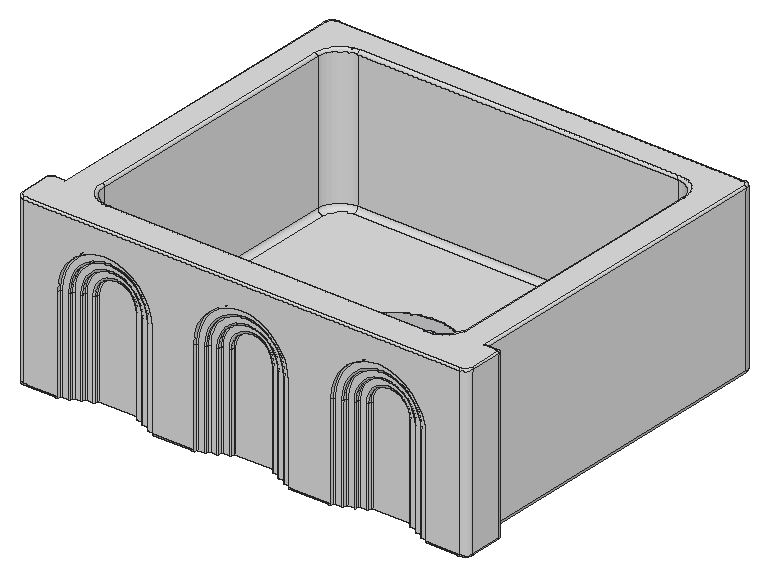
Revit family "Sink-Undermount_Kitchen-KALLISTA-Voussoir-L39742-1", category Plumbing Fixtures, host Face, Revit 2022
Family settings
  Host = Face
  Round Connector Dimension = Use Diameter
  Part Type = Normal
  OmniClass Number = 23.31.13.00
  OmniClass Title = Sinks
  Cut with Voids When Loaded = No
  Maintain Annotation Orientation = No
  Shared = No
  Room Calculation Point = No
Parameters (values of type "WH-White Carrara Marble")
  Width = 19 1/2"  # constant formula
  WaterSense Certified = 1 = 0  # no
  Waste Water Outlet = "Waste Water Outlet"  # constant formula
  Waste Connection = 1 = 1  # yes
  Vent Connection = 1 = 0  # no
  URL = "https://www.kallista.com/"
  Type = 6
  Product Page URL = ""
  Product Name = "Voussoir"  # constant formula
  Product Documentation Link = ""
  Model = if(Type = 1, "L39743-00-CCV", if(Type = 2, "L39743-00-FWG", if(Type = 3, "L39743-00-MVV", if(Type = 4, "L39743-00-NM", if(Type = 5, "L39743-00-RM", if(Type = 6, "L39743-00-WH", "NA"))))))  # "L39743-00-WH"
  Material = "Natural Stone"  # constant formula
  Master Format 2014 Name = "Residential Lavatories and Sinks"  # constant formula
  Master Format 2014 = "22 41 16"  # constant formula
  Manufacturer Address = "444 Highland Dr, Kohler, WI 53044"  # constant formula
  Manufacturer = "Kallista Co."  # constant formula
  Length = 23.48819"  # constant formula
  Hot Water Inlet = "Hot Water Inlet"  # constant formula
  Height = 9.75197"  # constant formula
  HW Connection = 1 = 0  # no
  Finish = KALLISTA-Stone-WH-White_Carrara_Marble
  Environmental Product Declaration = ""
  Drain Included = 1 = 0  # no
  Description = "24 Inch Butler Entertainment Sink"  # constant formula
  Default Elevation = 36"
  Declare Label = ""
  Date Modified = "09/23/2025"  # constant formula
  Date Created = "09/23/2025"  # constant formula
  Copyright = "Copyright Kallista Co."  # constant formula
  Contact Us = "https://www.kallista.com/corporate/contact-us/"
  Cold Water Inlet = "Cold Water Inlet"  # constant formula
  CW Connection = 1 = 0  # no
  Assembly Code = "D2010400"
  ADA Compliant = 1 = 0  # no
Reference planes (in)
  plane 1 "Center (Front/Back)": y = 0
  plane 2: z = 0
  plane 3 "Center (Left/Right)": x = 0
  plane 4: z = -1
  plane 5: y = -30.7755906
  plane 6: y = -48.0314961
  plane 7: y = -50.2755906
  plane 8: y = -40.5275591
  plane 9: y = -48.5526603
  plane 10: y = -32.3006918
  plane 11: z = -11.9583259
  plane 12: z = -9.7519685
  plane 13: x = -11.7440945
  plane 14: x = -10.9940945
  plane 15: x = -9.4940945
  plane 16: x = 9.4940945
  plane 17: x = 11.7440945
  plane 18: x = 10.9940945
Forms (in)
  Extrusion 1, void
    sketch origin (0, 0, 0) x (1, 0, 0) y (0, 1, 0)
      loop
        arc (-9.5137795, -47.0264062) -> (-9.8020603, -47.7223774) -> (-10.4980315, -48.0106581) r 0.984252
        line (-10.4980315, -48.0106581) -> (-14.7731298, -48.0106581) -> (-14.7731298, -48.7427356) -> (12.9232283, -48.7427356) -> (12.9232283, -48.0106581) -> (10.4743165, -48.0106581)
        arc (10.4743165, -48.0106581) -> (9.7783453, -47.7223774) -> (9.4900646, -47.0264062) r 0.984252
        line (9.4900646, -47.0264062) -> (9.4900646, -33.4806786)
        arc (9.4900646, -33.4806786) -> (9.1441277, -32.6455131) -> (8.3089622, -32.2995762) r 1.1811024
        line (8.3089622, -32.2995762) -> (-8.3326772, -32.2995762)
        arc (-8.3326772, -32.2995762) -> (-9.1678427, -32.6455131) -> (-9.5137795, -33.4806786) r 1.1811024
        line (-9.5137795, -33.4806786) -> (-9.5137795, -47.0264062)
    from -9.7519685 to 0
  Extrusion 2, void
    sketch origin (0, 0, 0) x (1, 0, 0) y (0, 1, 0)
      loop
        line (-11.0187008, -48.8188976) -> (11.0925197, -48.8188976) -> (11.0925197, -30.7669597) -> (-11.0187008, -30.7669597) -> (-11.0187008, -48.8188976)
    from -9.7519685 to -1
  Revolve 3, void
    sketch origin (0, 0, 0) x (0, 1, 0) y (0, 0, 1)
      loop
        line (-40.5275591, -8.6456693) -> (-43.6771654, -8.6456693) -> (-43.6771654, -12.1351818) -> (-40.5275591, -12.1351818) -> (-40.5275591, -8.6456693)
      axis (-40.5275591, -8.6456693) -> (-40.5275591, -12.1351818)
    angle from 0 to 360
Dimensions and locks (in)
  locked: level to plane 4 at 1
  plane 10 to plane 9 = 16.25197"
  "Width": plane 5 to plane 7
  "Height": level to plane 12
  level to plane 11 = 11.95833"
  level to plane 4 = 1"
  plane 14 to plane 18 = 21.98819"
  "Length": plane 13 to plane 17
  plane 15 to plane 16 = 18.98819"
  aligned and locked: plane 2 to host face
  aligned and locked: level to host face
  aligned and locked: plane 3 "Center (Left/Right)" to nested 1
  aligned and locked: plane 4 to nested 1
  aligned and locked: plane 14 to nested 1
  aligned and locked: plane 15 to nested 1
  aligned and locked: plane 18 to nested 1
  aligned and locked: plane 17 to nested 1
  aligned and locked: plane 16 to nested 1
Automatic sketch dimensions
  host sketch curve to host sketch curve = 96"  (x2)
  Extrusion 1 sketch curve to plane 9 = 0.19008"
  plane 6 to Extrusion 1 sketch curve = 0.02084"  (x2)
  plane 10 to Extrusion 1 sketch curve = 0.00112"
  plane 5 to Extrusion 2 sketch curve = 0.00863"
  Extrusion 2 sketch curve to plane 9 = 0.26624"
  Revolve 3 sketch curve to plane 8 = 0"  (x2)
  plane 12 to Revolve 3 sketch curve = 0"
  Revolve 3 sketch curve to plane 12 = 1.1063"
  Revolve 3 sketch curve to plane 8 = 3.14961"
  Revolve 3 sketch curve to plane 11 = 0.17686"
  Revolve 3 sketch curve to Revolve 3 sketch curve = 0.53734"
  Extrusion 1 sketch curve to plane 15 = 1.16142"
  plane 15 to Extrusion 1 sketch curve = 0.01969"
  Extrusion 1 sketch curve to plane 14 = 0.49606"
  plane 13 to Extrusion 1 sketch curve = 3.02904"
  plane 14 to Extrusion 2 sketch curve = 0.02461"
  plane 16 to Extrusion 1 sketch curve = 1.18513"
  plane 16 to Extrusion 1 sketch curve = 0.00403"
  plane 18 to Extrusion 1 sketch curve = 0.51978"
  Extrusion 1 sketch curve to plane 17 = 1.17913"
  Extrusion 2 sketch curve to plane 18 = 0.09843"
Nested families (in)
  nested 1: "L39743" at (0, -48.0314961, -9.7519685), type "L39743"
Connectors (in)
  piping at (0, -40.5275591, -11.9583259), diameter 1.5, driven by "Waste Connection", driven by "Waste Water Outlet"
    settings: on nested 1, index 1, connector inside diameter 24", connector length 0", flow factor 0, pipe flow 0 GPM, pressure drop 0.00 psi, fitting loss kfactor 0, connector angle 0.00°, fixture units 0, engagement length 0", angle of deflection 0.00°, flow configuration 0, flow direction 2, fitting loss method 0, system type 16, joint type 0, gender type 0, connector reference index -1, connector utility 1, adjustable connector no, is connector primary yes, connector description "Waste Water Outlet"
Definition of nested family "L39743"
  Parameters (values of type "L39743")
    Material = none
    Default Elevation = 0"
  Reference planes (in)
    plane 1 "Center (Front/Back)": y = 0
    plane 2: z = 0
    plane 3 "Center (Left/Right)": x = 0
    plane 4: x = 11.7440945
    plane 5: x = -11.7440945
    plane 6: y = -2.2440945
    plane 7: y = 17.2559055
    plane 8: x = -10.9940945
    plane 9: x = 10.9940945
    plane 10: x = 9.4940945
    plane 11: x = -9.4940945
    plane 12 "A": y = 7.503937
    plane 13: y = 15.7308043
    plane 14: y = -0.5211642
    plane 15: x = 1.8110236
    plane 16: x = -1.8110236
    plane 17: y = 5.6929134
    plane 18: y = 9.3149606
    plane 19: z = 8.7519685
    plane 20: z = 1.1062992
    plane 21: z = -2.2063574
    plane 22: x = -11
    plane 23: x = 11
    plane 24: x = 11.7440945
    plane 25: x = -11.7440945
  Forms (in)
    Sweep 1, solid, material <- "Material", detail levels medium+fine
      path origin (0, 0, 0) x (1, 0, 0) y (0, 1, 0)
        loop
          line (8.3129921, 15.7308043) -> (-8.3129921, 15.7308043)
          arc (-8.3129921, 15.7308043) -> (-9.1481576, 15.3848674) -> (-9.4940945, 14.5497019) r 1.1811024
          line (-9.4940945, 14.5497019) -> (-9.4940945, 0.6599382)
          arc (-9.4940945, 0.6599382) -> (-9.1481576, -0.1752273) -> (-8.3129921, -0.5211642) r 1.1811024
          line (-8.3129921, -0.5211642) -> (8.3129921, -0.5211642)
          arc (8.3129921, -0.5211642) -> (9.1481576, -0.1752273) -> (9.4940945, 0.6599382) r 1.1811024
          line (9.4940945, 0.6599382) -> (9.4940945, 14.5497019)
          arc (9.4940945, 14.5497019) -> (9.1481576, 15.3848674) -> (8.3129921, 15.7308043) r 1.1811024
      profile origin (0, 15.7308043, 0) x (0, -1, 0) y (0, 0, 1)
        loop
          line (0, 1.5471383) -> (0, 8.6133743)
          arc (0, 8.6133743) -> (-0.0405933, 8.7113752) -> (-0.1385942, 8.7519685) r 0.1385942
          line (-0.1385942, 8.7519685) -> (-0.3937008, 8.7519685) -> (-0.3937008, 1.1062992) -> (0.5905512, 1.1062992) -> (0.5905512, 1.2785433) -> (0.268595, 1.2785433)
          arc (0.268595, 1.2785433) -> (0.0786697, 1.357213) -> (0, 1.5471383) r 0.268595
    Sweep 2, solid, material <- "Material", detail levels medium+fine
      path origin (0, 0, 0) x (1, 0, 0) y (0, 1, 0)
        loop
          line (10.9940945, -0.5211642) -> (10.9940945, 16.8622047)
          arc (10.9940945, 16.8622047) -> (10.8787822, 17.1405932) -> (10.6003937, 17.2559055) r 0.3937008
          line (10.6003937, 17.2559055) -> (-10.6003937, 17.2559055)
          arc (-10.6003937, 17.2559055) -> (-10.8787822, 17.1405932) -> (-10.9940945, 16.8622047) r 0.3937008
          line (-10.9940945, 16.8622047) -> (-10.9940945, -0.5211642)
      profile origin (0, 17.2559055, 0) x (0, -1, 0) y (0, 0, 1)
        loop
          arc (0.1181102, 8.7519685) -> (0.0345937, 8.7173748) -> (0, 8.6338583) r 0.1181102
          line (0, 8.6338583) -> (0, 0.1181102)
          arc (0, 0.1181102) -> (0.0345937, 0.0345937) -> (0.1181102, 0) r 0.1181102
          line (0.1181102, 0) -> (0.3651166, 0) -> (0.3651166, 8.7519685) -> (0.1181102, 8.7519685)
    Extrusion 3, solid, material <- "Material", detail levels medium+fine
      sketch origin (0, 0, 0) x (1, 0, 0) y (0, 1, 0)
        loop
          arc (-8.3129921, 15.1402531) -> (-8.7305749, 14.9672847) -> (-8.9035433, 14.5497019) r 0.5905512
          line (-8.9035433, 14.5497019) -> (-8.9035433, 0.6599382)
          arc (-8.9035433, 0.6599382) -> (-8.7305749, 0.2423554) -> (-8.3129921, 0.069387) r 0.5905512
          line (-8.3129921, 0.069387) -> (8.3129921, 0.069387)
          arc (8.3129921, 0.069387) -> (8.7305749, 0.2423554) -> (8.9035433, 0.6599382) r 0.5905512
          line (8.9035433, 0.6599382) -> (8.9035433, 14.5497019)
          arc (8.9035433, 14.5497019) -> (8.7305749, 14.9672847) -> (8.3129921, 15.1402531) r 0.5905512
          line (8.3129921, 15.1402531) -> (-8.3129921, 15.1402531)
      from 1.1062992 to 1.2785433
    Sweep 4, solid, material <- "Material", detail levels medium+fine
      path origin (0, 0, 0) x (1, 0, 0) y (0, 1, 0)
        loop
          line (10.6289779, 0) -> (11.5472441, 0)
          arc (11.5472441, 0) -> (11.6864383, -0.0576561) -> (11.7440945, -0.1968504) r 0.1968504
          line (11.7440945, -0.1968504) -> (11.7440945, -1.8503937)
          arc (11.7440945, -1.8503937) -> (11.6287822, -2.1287822) -> (11.3503937, -2.2440945) r 0.3937008
          line (11.3503937, -2.2440945) -> (-11.3503937, -2.2440945)
          arc (-11.3503937, -2.2440945) -> (-11.6287822, -2.1287822) -> (-11.7440945, -1.8503937) r 0.3937008
          line (-11.7440945, -1.8503937) -> (-11.7440945, -0.1968504)
          arc (-11.7440945, -0.1968504) -> (-11.6864383, -0.0576561) -> (-11.5472441, 0) r 0.1968504
          line (-11.5472441, 0) -> (-10.6289779, 0)
      profile origin (0, -2.2440945, 0) x (0, -1, 0) y (0, 0, 1)
        loop
          arc (-0.0787402, 0) -> (-0.0230625, 0.0230625) -> (0, 0.0787402) r 0.0787402
          line (0, 0.0787402) -> (0, 8.6732283)
          arc (0, 8.6732283) -> (-0.0230625, 8.728906) -> (-0.0787402, 8.7519685) r 0.0787402
          line (-0.0787402, 8.7519685) -> (-0.1698934, 8.7519685) -> (-0.1698934, 0) -> (-0.0787402, 0)
    Extrusion 5, solid, material <- "Material", detail levels medium+fine
      sketch origin (0, 0, 0) x (1, 0, 0) y (0, 1, 0)
        loop
          arc (-10.6003937, 16.8907889) -> (-10.6206058, 16.8824168) -> (-10.6289779, 16.8622047) r 0.0285842
          line (-10.6289779, 16.8622047) -> (-10.6289779, -0.5211642) -> (-10.8759843, -0.5211642) -> (-10.8759843, -0.1698934) -> (-11.5472441, -0.1698934)
          arc (-11.5472441, -0.1698934) -> (-11.5663055, -0.1777889) -> (-11.5742011, -0.1968504) r 0.026957
          line (-11.5742011, -0.1968504) -> (-11.5742011, -1.8503937)
          arc (-11.5742011, -1.8503937) -> (-11.5086494, -2.0086494) -> (-11.3503937, -2.0742011) r 0.2238074
          line (-11.3503937, -2.0742011) -> (11.3503937, -2.0742011)
          arc (11.3503937, -2.0742011) -> (11.5086494, -2.0086494) -> (11.5742011, -1.8503937) r 0.2238074
          line (11.5742011, -1.8503937) -> (11.5742011, -0.1968504)
          arc (11.5742011, -0.1968504) -> (11.5663055, -0.1777889) -> (11.5472441, -0.1698934) r 0.026957
          line (11.5472441, -0.1698934) -> (10.8759843, -0.1698934) -> (10.8759843, -0.5211642) -> (10.6289779, -0.5211642) -> (10.6289779, 16.8622047)
          arc (10.6289779, 16.8622047) -> (10.6206058, 16.8824168) -> (10.6003937, 16.8907889) r 0.0285842
          line (10.6003937, 16.8907889) -> (-10.6003937, 16.8907889)
        loop
          line (-8.3129921, -0.914865) -> (8.3129921, -0.914865)
          arc (8.3129921, -0.914865) -> (9.4265461, -0.4536158) -> (9.8877953, 0.6599382) r 1.5748031
          line (9.8877953, 0.6599382) -> (9.8877953, 14.5497019)
          arc (9.8877953, 14.5497019) -> (9.4265461, 15.6632559) -> (8.3129921, 16.1245051) r 1.5748031
          line (8.3129921, 16.1245051) -> (-8.3129921, 16.1245051)
          arc (-8.3129921, 16.1245051) -> (-9.4265461, 15.6632559) -> (-9.8877953, 14.5497019) r 1.5748031
          line (-9.8877953, 14.5497019) -> (-9.8877953, 0.6599382)
          arc (-9.8877953, 0.6599382) -> (-9.4265461, -0.4536158) -> (-8.3129921, -0.914865) r 1.5748031
      from 0 to 8.7519685
    Sweep 6, void
      path origin (6.4468504, 0, 0) x (1, 0, 0) y (0, 0, 1)
        loop
          line (-11.0046696, -1.0135937) -> (-11.0046696, 4.9861743)
          arc (-11.0046696, 4.9861743) -> (-13.5637247, 7.5452294) -> (-16.1227799, 4.9861743) r 2.5590551
          line (-16.1227799, 4.9861743) -> (-16.1227799, -1.0135937)
      profile origin (-9.6759295, 0, 1.9862903) x (0, -1, 0) y (1, 0, 0)
        loop
          line (2.0918543, 0.0731572) -> (2.3750157, 0.0731572) -> (2.3750157, 1.7319234) -> (1.3661574, 1.7319234) -> (1.3661574, 1.5402747)
          arc (1.3661574, 1.5402747) -> (1.3820096, 1.5020041) -> (1.4202803, 1.4861519) r 0.0541228
          line (1.4202803, 1.4861519) -> (1.5167226, 1.4861519)
          arc (1.5167226, 1.4861519) -> (1.5668505, 1.4653882) -> (1.5876141, 1.4152603) r 0.0708916
          line (1.5876141, 1.4152603) -> (1.5876141, 1.0647702)
          arc (1.5876141, 1.0647702) -> (1.6030042, 1.0276154) -> (1.6401591, 1.0122253) r 0.0525449
          line (1.6401591, 1.0122253) -> (1.7524138, 1.0122253)
          arc (1.7524138, 1.0122253) -> (1.7933181, 0.9952822) -> (1.8102612, 0.9543779) r 0.0578474
          line (1.8102612, 0.9543779) -> (1.8102612, 0.6089714)
          arc (1.8102612, 0.6089714) -> (1.8293493, 0.5628887) -> (1.875432, 0.5438006) r 0.0651707
          line (1.875432, 0.5438006) -> (1.9695536, 0.5438006)
          arc (1.9695536, 0.5438006) -> (2.0130825, 0.5257704) -> (2.0311128, 0.4822414) r 0.0615593
          line (2.0311128, 0.4822414) -> (2.0311128, 0.1338987)
          arc (2.0311128, 0.1338987) -> (2.0489036, 0.090948) -> (2.0918543, 0.0731572) r 0.0607414
    Extrusion 7, void
      sketch origin (6.4468504, 0, 0) x (1, 0, 0) y (0, 0, 1)
        loop
          line (-14.3908565, -1.0135937) -> (-12.736593, -1.0135937) -> (-12.736593, 4.9861743)
          arc (-12.736593, 4.9861743) -> (-13.5637247, 5.8133061) -> (-14.3908565, 4.9861743) r 0.8271318
          line (-14.3908565, 4.9861743) -> (-14.3908565, -1.0135937)
      from 1.3661574 to 3.1992189
    Sweep 8, void
      path origin (13.5391184, 0, 0) x (1, 0, 0) y (0, 0, 1)
        loop
          line (-11.0046696, -1.0135937) -> (-11.0046696, 4.9861743)
          arc (-11.0046696, 4.9861743) -> (-13.5637247, 7.5452294) -> (-16.1227799, 4.9861743) r 2.5590551
          line (-16.1227799, 4.9861743) -> (-16.1227799, -1.0135937)
      profile origin (-2.5836614, 0, 1.9862903) x (0, -1, 0) y (1, 0, 0)
        loop
          line (2.0918543, 0.0731572) -> (2.3750157, 0.0731572) -> (2.3750157, 1.7319234) -> (1.3661574, 1.7319234) -> (1.3661574, 1.5402747)
          arc (1.3661574, 1.5402747) -> (1.3820096, 1.5020041) -> (1.4202803, 1.4861519) r 0.0541228
          line (1.4202803, 1.4861519) -> (1.5167226, 1.4861519)
          arc (1.5167226, 1.4861519) -> (1.5668505, 1.4653882) -> (1.5876141, 1.4152603) r 0.0708916
          line (1.5876141, 1.4152603) -> (1.5876141, 1.0647702)
          arc (1.5876141, 1.0647702) -> (1.6030042, 1.0276154) -> (1.6401591, 1.0122253) r 0.0525449
          line (1.6401591, 1.0122253) -> (1.7524138, 1.0122253)
          arc (1.7524138, 1.0122253) -> (1.7933181, 0.9952822) -> (1.8102612, 0.9543779) r 0.0578474
          line (1.8102612, 0.9543779) -> (1.8102612, 0.6089714)
          arc (1.8102612, 0.6089714) -> (1.8293493, 0.5628887) -> (1.875432, 0.5438006) r 0.0651707
          line (1.875432, 0.5438006) -> (1.9695536, 0.5438006)
          arc (1.9695536, 0.5438006) -> (2.0130825, 0.5257704) -> (2.0311128, 0.4822414) r 0.0615593
          line (2.0311128, 0.4822414) -> (2.0311128, 0.1338987)
          arc (2.0311128, 0.1338987) -> (2.0489036, 0.090948) -> (2.0918543, 0.0731572) r 0.0607414
    Extrusion 9, void
      sketch origin (13.5391184, 0, 0) x (1, 0, 0) y (0, 0, 1)
        loop
          line (-14.3908565, -1.0135937) -> (-12.736593, -1.0135937) -> (-12.736593, 4.9861743)
          arc (-12.736593, 4.9861743) -> (-13.5637247, 5.8133061) -> (-14.3908565, 4.9861743) r 0.8271318
          line (-14.3908565, 4.9861743) -> (-14.3908565, -1.0135937)
      from 1.3661574 to 3.1992189
    Sweep 10, void
      path origin (20.6872484, 0, 0) x (1, 0, 0) y (0, 0, 1)
        loop
          line (-11.0046696, -1.0135937) -> (-11.0046696, 4.9861743)
          arc (-11.0046696, 4.9861743) -> (-13.5637247, 7.5452294) -> (-16.1227799, 4.9861743) r 2.5590551
          line (-16.1227799, 4.9861743) -> (-16.1227799, -1.0135937)
      profile origin (4.5644685, 0, 1.9862903) x (0, -1, 0) y (1, 0, 0)
        loop
          line (2.0918543, 0.0731572) -> (2.3750157, 0.0731572) -> (2.3750157, 1.7319234) -> (1.3661574, 1.7319234) -> (1.3661574, 1.5402747)
          arc (1.3661574, 1.5402747) -> (1.3820096, 1.5020041) -> (1.4202803, 1.4861519) r 0.0541228
          line (1.4202803, 1.4861519) -> (1.5167226, 1.4861519)
          arc (1.5167226, 1.4861519) -> (1.5668505, 1.4653882) -> (1.5876141, 1.4152603) r 0.0708916
          line (1.5876141, 1.4152603) -> (1.5876141, 1.0647702)
          arc (1.5876141, 1.0647702) -> (1.6030042, 1.0276154) -> (1.6401591, 1.0122253) r 0.0525449
          line (1.6401591, 1.0122253) -> (1.7524138, 1.0122253)
          arc (1.7524138, 1.0122253) -> (1.7933181, 0.9952822) -> (1.8102612, 0.9543779) r 0.0578474
          line (1.8102612, 0.9543779) -> (1.8102612, 0.6089714)
          arc (1.8102612, 0.6089714) -> (1.8293493, 0.5628887) -> (1.875432, 0.5438006) r 0.0651707
          line (1.875432, 0.5438006) -> (1.9695536, 0.5438006)
          arc (1.9695536, 0.5438006) -> (2.0130825, 0.5257704) -> (2.0311128, 0.4822414) r 0.0615593
          line (2.0311128, 0.4822414) -> (2.0311128, 0.1338987)
          arc (2.0311128, 0.1338987) -> (2.0489036, 0.090948) -> (2.0918543, 0.0731572) r 0.0607414
    Extrusion 11, void
      sketch origin (20.6872484, 0, 0) x (1, 0, 0) y (0, 0, 1)
        loop
          line (-14.3908565, -1.0135937) -> (-12.736593, -1.0135937) -> (-12.736593, 4.9861743)
          arc (-12.736593, 4.9861743) -> (-13.5637247, 5.8133061) -> (-14.3908565, 4.9861743) r 0.8271318
          line (-14.3908565, 4.9861743) -> (-14.3908565, -1.0135937)
      from 1.3661574 to 3.1992189
    Extrusion 12, solid, material <- "Material", detail levels medium+fine
      sketch origin (0, 0, 0) x (1, 0, 0) y (0, 1, 0)
        loop
          line (-8.3129921, -0.914865) -> (8.3129921, -0.914865)
          arc (8.3129921, -0.914865) -> (9.4265461, -0.4536158) -> (9.8877953, 0.6599382) r 1.5748031
          line (9.8877953, 0.6599382) -> (9.8877953, 14.5497019)
          arc (9.8877953, 14.5497019) -> (9.4265461, 15.6632559) -> (8.3129921, 16.1245051) r 1.5748031
          line (8.3129921, 16.1245051) -> (-8.3129921, 16.1245051)
          arc (-8.3129921, 16.1245051) -> (-9.4265461, 15.6632559) -> (-9.8877953, 14.5497019) r 1.5748031
          line (-9.8877953, 14.5497019) -> (-9.8877953, 0.6599382)
          arc (-9.8877953, 0.6599382) -> (-9.4265461, -0.4536158) -> (-8.3129921, -0.914865) r 1.5748031
      from 0 to 0.5373408
    Revolve 13, solid, material <- "Material", detail levels medium+fine
      sketch origin (0, 7.503937, 0) x (1, 0, 0) y (0, 0, 1)
        loop
          line (0.6758748, -2.2053542) -> (0.906273, -2.2053542) -> (1.0695756, -1.9225057) -> (1.0695756, -1.612118) -> (0.9470057, -1.612118) -> (0.8847545, -1.5761772) -> (0.9348126, -1.5411262) -> (0.9348126, -1.5090595) -> (0.8957951, -1.4865328) -> (0.9348126, -1.4592125) -> (0.9348126, -1.2388652)
          arc (0.9348126, -1.2388652) -> (1.0060126, -1.0130477) -> (1.1938598, -0.8689075) r 0.3937008
          line (1.1938598, -0.8689075) -> (1.5516942, -0.7386664)
          arc (1.5516942, -0.7386664) -> (1.613819, -0.6909963) -> (1.6373662, -0.616314) r 0.1302047
          line (1.6373662, -0.616314) -> (1.6373662, -0.5762537) -> (1.7650874, -0.5762537) -> (1.7650874, -0.3416603)
          arc (1.7650874, -0.3416603) -> (1.7845158, -0.2928242) -> (1.8321822, -0.2706804) r 0.0710924
          line (1.8321822, -0.2706804) -> (2.1955228, -0.2502174)
          arc (2.1955228, -0.2502174) -> (2.2342252, -0.2322379) -> (2.25, -0.1925857) r 0.057723
          line (2.25, -0.1925857) -> (2.25, 0.0389589) -> (0.6758748, 0.0389589) -> (0.6758748, -2.2053542)
        axis (0, -2.2053542) -> (0, 0.0389589)
      angle from 0 to 360
    Revolve 14, void
      sketch origin (0, 7.503937, 0) x (1, 0, 0) y (0, 0, 1)
        loop
          line (0, 1.6019003) -> (0, -1.9838095) -> (0.5759468, -1.9838095) -> (0.6366445, -1.2900318)
          arc (0.6366445, -1.2900318) -> (0.6540755, -1.2024003) -> (0.6900602, -1.1206187) r 0.410356
          line (0.6900602, -1.1206187) -> (0.8106851, -0.9116902)
          arc (0.8106851, -0.9116902) -> (0.8481144, -0.8660767) -> (0.8982154, -0.8349089) r 0.1811802
          line (0.8982154, -0.8349089) -> (1.4337184, -0.6129396)
          arc (1.4337184, -0.6129396) -> (1.4980621, -0.560114) -> (1.5222235, -0.4804466) r 0.1434243
          line (1.5222235, -0.4804466) -> (1.5222235, 0.14364)
          arc (1.5222235, 0.14364) -> (1.6375358, 0.4220285) -> (1.9159243, 0.5373408) r 0.3937008
          line (1.9159243, 0.5373408) -> (2.2644412, 0.5373408)
          arc (2.2644412, 0.5373408) -> (2.3994903, 0.5909717) -> (2.4609525, 0.7226414) r 0.1968504
          arc (2.4609525, 0.7226414) -> (2.6453391, 1.1176506) -> (3.0504863, 1.2785433) r 0.5905512
          line (3.0504863, 1.2785433) -> (3.447414, 1.2785433) -> (3.447414, 1.6019003) -> (0, 1.6019003)
        axis (0, -1.9838095) -> (0, 1.6019003)
      angle from 0 to 360
    Revolve 15, solid, detail levels medium+fine
      sketch origin (0, 7.503937, 0) x (1, 0, 0) y (0, 0, 1)
        loop
          line (0, 1.6776232) -> (0, -2.2063574) -> (0.2090901, -2.2063574) -> (0.2090901, -1.3000942) -> (0.4059405, -1.3000942)
          arc (0.4059405, -1.3000942) -> (0.5451348, -1.2424381) -> (0.6027909, -1.1032439) r 0.1968504
          line (0.6027909, -1.1032439) -> (0.6027909, -0.7731041)
          arc (0.6027909, -0.7731041) -> (0.6604471, -0.6339099) -> (0.7996413, -0.5762537) r 0.1968504
          line (0.7996413, -0.5762537) -> (0.9964917, -0.5762537)
          arc (0.9964917, -0.5762537) -> (1.2748802, -0.4609414) -> (1.3901925, -0.1825529) r 0.3937008
          line (1.3901925, -0.1825529) -> (1.3901925, 0.5373408) -> (1.3901925, 0.8326164)
          arc (1.3901925, 0.8326164) -> (1.5055048, 1.1110049) -> (1.7838933, 1.2263172) r 0.3937008
          line (1.7838933, 1.2263172) -> (2.9185481, 1.2263172)
          arc (2.9185481, 1.2263172) -> (3.0291632, 1.3285756) -> (2.935891, 1.4468667) r 0.1109566
          arc (2.935891, 1.4468667) -> (1.472477, 1.6198987) -> (0, 1.6776232) r 18.774538
        axis (0, 1.6776232) -> (0, -2.2063574)
      angle from 0 to 360
    Extrusion 16, solid, material <- "Material", detail levels medium+fine
      sketch origin (0, 0, 0) x (1, 0, 0) y (0, 1, 0)
        loop
          line (-1.3397642, 6.3547785) -> (-1.4015758, 6.2929669)
          arc (-1.4015758, 6.2929669) -> (-1.4015758, 6.0935003) -> (-1.2021091, 6.0935003) r 0.1410442
          line (-1.2021091, 6.0935003) -> (-1.1395872, 6.1560222)
          arc (-1.1395872, 6.1560222) -> (-1.2436526, 6.251395) -> (-1.3397642, 6.3547785) r 1.7650874
        loop
          line (-0.1410451, 5.744494) -> (-0.1413564, 5.6570798)
          arc (-0.1413564, 5.6570798) -> (-0.0008154, 5.5155342) -> (0.1407303, 5.6560752) r 0.1410442
          line (0.1407303, 5.6560752) -> (0.1410451, 5.744494)
          arc (0.1410451, 5.744494) -> (0, 5.7388496) -> (-0.1410451, 5.744494) r 1.7650874
        loop
          line (1.140992, 6.1572111) -> (1.2024266, 6.0950249)
          arc (1.2024266, 6.0950249) -> (1.4018896, 6.0938122) -> (1.4031023, 6.2932752) r 0.1410442
          line (1.4031023, 6.2932752) -> (1.3409617, 6.356176)
          arc (1.3409617, 6.356176) -> (1.2449579, 6.2526924) -> (1.140992, 6.1572111) r 1.7650874
        loop
          line (1.759443, 7.3628919) -> (1.8468572, 7.3625806)
          arc (1.8468572, 7.3625806) -> (1.9884028, 7.5031216) -> (1.8478618, 7.6446673) r 0.1410442
          line (1.8478618, 7.6446673) -> (1.759443, 7.6449821)
          arc (1.759443, 7.6449821) -> (1.7650874, 7.503937) -> (1.759443, 7.3628919) r 1.7650874
        loop
          arc (-1.759443, 7.3628919) -> (-1.7650874, 7.503937) -> (-1.759443, 7.6449821) r 1.7650874
          line (-1.759443, 7.6449821) -> (-1.8478618, 7.6446673)
          arc (-1.8478618, 7.6446673) -> (-1.9884028, 7.5031216) -> (-1.8468572, 7.3625806) r 0.1410442
          line (-1.8468572, 7.3625806) -> (-1.759443, 7.3628919)
        loop
          arc (-1.3397642, 8.6530955) -> (-1.2436526, 8.756479) -> (-1.1395872, 8.8518519) r 1.7650874
          line (-1.1395872, 8.8518519) -> (-1.2021091, 8.9143738)
          arc (-1.2021091, 8.9143738) -> (-1.4015758, 8.9143738) -> (-1.4015758, 8.7149071) r 0.1410442
          line (-1.4015758, 8.7149071) -> (-1.3397642, 8.6530955)
        loop
          arc (-0.1410451, 9.26338) -> (0, 9.2690244) -> (0.1410451, 9.26338) r 1.7650874
          line (0.1410451, 9.26338) -> (0.1407303, 9.3517988)
          arc (0.1407303, 9.3517988) -> (-0.0008154, 9.4923398) -> (-0.1413564, 9.3507942) r 0.1410442
          line (-0.1413564, 9.3507942) -> (-0.1410451, 9.26338)
        loop
          arc (1.140992, 8.8506629) -> (1.2449579, 8.7551817) -> (1.3409617, 8.651698) r 1.7650874
          line (1.3409617, 8.651698) -> (1.4031023, 8.7145988)
          arc (1.4031023, 8.7145988) -> (1.4018896, 8.9140618) -> (1.2024266, 8.9128491) r 0.1410442
          line (1.2024266, 8.9128491) -> (1.140992, 8.8506629)
      from 0 to -0.5762537
    Extrusion 17, solid, material <- "Material", detail levels coarse
      sketch origin (0, 0, 0) x (1, 0, 0) y (0, 1, 0)
        loop
          line (-10.9940945, 0) -> (-11.7440945, 0) -> (-11.7440945, -2.2440945) -> (11.7440945, -2.2440945) -> (11.7440945, 0) -> (10.9940945, 0) -> (10.9940945, 17.2559055) -> (-10.9940945, 17.2559055) -> (-10.9940945, 0)
        loop
          line (-9.4940945, 14.7465523) -> (-9.4940945, 0.5799594)
          arc (-9.4940945, 0.5799594) -> (-9.1715829, -0.1986526) -> (-8.3929709, -0.5211642) r 1.1011236
          line (-8.3929709, -0.5211642) -> (8.3929709, -0.5211642)
          arc (8.3929709, -0.5211642) -> (9.1715829, -0.1986526) -> (9.4940945, 0.5799594) r 1.1011236
          line (9.4940945, 0.5799594) -> (9.4940945, 14.7465523)
          arc (9.4940945, 14.7465523) -> (9.2058138, 15.4425236) -> (8.5098425, 15.7308043) r 0.984252
          line (8.5098425, 15.7308043) -> (-8.5098425, 15.7308043)
          arc (-8.5098425, 15.7308043) -> (-9.2058138, 15.4425236) -> (-9.4940945, 14.7465523) r 0.984252
      from 0 to 8.7519685
    Revolve 18, solid, material <- "Material", detail levels coarse
      sketch origin (0, 7.503937, 0) x (1, 0, 0) y (0, 0, 1)
        loop
          line (0, -2.2063574) -> (0, 0.1262897) -> (-2.3622047, 0.1262897) -> (-2.3622047, -2.2063574) -> (0, -2.2063574)
        axis (0, -2.2063574) -> (0, 0.1262897)
      angle from 0 to 360
    Extrusion 19, solid, material <- "Material", detail levels coarse
      sketch origin (0, 0, 0) x (1, 0, 0) y (0, 1, 0)
        loop
          arc (8.3929709, -0.5211642) -> (9.1715829, -0.1986526) -> (9.4940945, 0.5799594) r 1.1011236
          line (9.4940945, 0.5799594) -> (9.4940945, 14.7465523)
          arc (9.4940945, 14.7465523) -> (9.2058138, 15.4425236) -> (8.5098425, 15.7308043) r 0.984252
          line (8.5098425, 15.7308043) -> (-8.5098425, 15.7308043)
          arc (-8.5098425, 15.7308043) -> (-9.2058138, 15.4425236) -> (-9.4940945, 14.7465523) r 0.984252
          line (-9.4940945, 14.7465523) -> (-9.4940945, 0.5799594)
          arc (-9.4940945, 0.5799594) -> (-9.1715829, -0.1986526) -> (-8.3929709, -0.5211642) r 1.1011236
          line (-8.3929709, -0.5211642) -> (8.3929709, -0.5211642)
      from 0 to 0.7100334
  Cuts and joins
    Sweep 6, Extrusion 7, Sweep 8, Extrusion 9, Sweep 10, Extrusion 11, Revolve 14 cuts Sweep 1
    Sweep 6, Extrusion 7, Sweep 8, Extrusion 9, Sweep 10, Extrusion 11, Revolve 14 cuts Sweep 2
    Sweep 6, Extrusion 7, Sweep 8, Extrusion 9, Sweep 10, Extrusion 11, Revolve 14 cuts Extrusion 3
    Sweep 6, Extrusion 7, Sweep 8, Extrusion 9, Sweep 10, Extrusion 11, Revolve 14 cuts Sweep 4
    Sweep 6, Extrusion 7, Sweep 8, Extrusion 9, Sweep 10, Extrusion 11, Revolve 14 cuts Extrusion 5
    Revolve 14 cuts Extrusion 12
    Revolve 14 cuts Revolve 13
    Revolve 14 cuts Extrusion 16
    joined: Sweep 1, Sweep 2, Extrusion 3, Sweep 4, Extrusion 5, Extrusion 12, Revolve 13, Extrusion 16
    joined: Extrusion 17, Revolve 18, Extrusion 19
  Lines and regions (in)
    Masking region 1
      outline origin (0, 0, 0) x (1, 0, 0) y (0, 1, 0)
        loop
          line (10.6062992, 17.2559055) -> (-10.6062992, 17.2559055)
          arc (-10.6062992, 17.2559055) -> (-10.8846877, 17.1405932) -> (-11, 16.8622047) r 0.3937008
          line (-11, 16.8622047) -> (-11, 0.1181102)
          arc (-11, 0.1181102) -> (-11.0345937, 0.0345937) -> (-11.1181102, 0) r 0.1181102
          line (-11.1181102, 0) -> (-11.6259843, 0)
          arc (-11.6259843, 0) -> (-11.7095008, -0.0345937) -> (-11.7440945, -0.1181102) r 0.1181102
          line (-11.7440945, -0.1181102) -> (-11.7440945, -1.8503937)
          arc (-11.7440945, -1.8503937) -> (-11.6287822, -2.1287822) -> (-11.3503937, -2.2440945) r 0.3937008
          line (-11.3503937, -2.2440945) -> (11.3503937, -2.2440945)
          arc (11.3503937, -2.2440945) -> (11.6287822, -2.1287822) -> (11.7440945, -1.8503937) r 0.3937008
          line (11.7440945, -1.8503937) -> (11.7440945, -0.1181102)
          arc (11.7440945, -0.1181102) -> (11.7095008, -0.0345937) -> (11.6259843, 0) r 0.1181102
          line (11.6259843, 0) -> (11.1181102, 0)
          arc (11.1181102, 0) -> (11.0345937, 0.0345937) -> (11, 0.1181102) r 0.1181102
          line (11, 0.1181102) -> (11, 16.8622047)
          arc (11, 16.8622047) -> (10.8846877, 17.1405932) -> (10.6062992, 17.2559055) r 0.3937008
    Masking region 2
      outline origin (0, 7.503937, 0) x (1, 0, 0) y (0, 0, 1)
        loop
          arc (-11.6259843, 8.7519685) -> (-11.7095008, 8.7173748) -> (-11.7440945, 8.6338583) r 0.1181102
          line (-11.7440945, 8.6338583) -> (-11.7440945, 0.1262897)
          arc (-11.7440945, 0.1262897) -> (-11.7071051, 0.0369894) -> (-11.6178048, 0) r 0.1262897
          line (-11.6178048, 0) -> (-2.25, 0) -> (-2.25, -0.1882848)
          arc (-2.25, -0.1882848) -> (-2.2330156, -0.2308564) -> (-2.1913912, -0.2500456) r 0.0618455
          line (-2.1913912, -0.2500456) -> (-2.020395, -0.2590071)
          arc (-2.020395, -0.2590071) -> (-1.9963747, -0.2700806) -> (-1.9865735, -0.2946475) r 0.0356893
          line (-1.9865735, -0.2946475) -> (-1.9865735, -0.5527938)
          arc (-1.9865735, -0.5527938) -> (-1.9797023, -0.5693825) -> (-1.9631136, -0.5762537) r 0.0234599
          line (-1.9631136, -0.5762537) -> (-1.6487791, -0.5762537) -> (-1.6487791, -0.6079803)
          arc (-1.6487791, -0.6079803) -> (-1.6247303, -0.6846311) -> (-1.5612044, -0.7338058) r 0.1341791
          line (-1.5612044, -0.7338058) -> (-1.1794422, -0.8752064)
          arc (-1.1794422, -0.8752064) -> (-0.9974571, -1.0160792) -> (-0.9285635, -1.2356638) r 0.3843882
          line (-0.9285635, -1.2356638) -> (-0.9285635, -1.4609305) -> (-0.8925307, -1.4969634) -> (-0.9381316, -1.5425642) -> (-0.8771584, -1.5777671) -> (-0.9342749, -1.6107432) -> (-1.0752431, -1.6107432) -> (-1.0752431, -1.9263091) -> (-0.933527, -2.1717686)
          arc (-0.933527, -2.1717686) -> (-0.9082062, -2.1970894) -> (-0.8736174, -2.2063574) r 0.0691776
          line (-0.8736174, -2.2063574) -> (0, -2.2063574) -> (0.8736174, -2.2063574)
          arc (0.8736174, -2.2063574) -> (0.9082062, -2.1970894) -> (0.933527, -2.1717686) r 0.0691776
          line (0.933527, -2.1717686) -> (1.0752431, -1.9263091) -> (1.0752431, -1.6107432) -> (0.9342749, -1.6107432) -> (0.8771584, -1.5777671) -> (0.9381316, -1.5425642) -> (0.8925307, -1.4969634) -> (0.9285635, -1.4609305) -> (0.9285635, -1.2356638)
          arc (0.9285635, -1.2356638) -> (0.9974571, -1.0160792) -> (1.1794422, -0.8752064) r 0.3843882
          line (1.1794422, -0.8752064) -> (1.5612044, -0.7338058)
          arc (1.5612044, -0.7338058) -> (1.6247303, -0.6846311) -> (1.6487791, -0.6079803) r 0.1341791
          line (1.6487791, -0.6079803) -> (1.6487791, -0.5762537) -> (1.9631136, -0.5762537)
          arc (1.9631136, -0.5762537) -> (1.9797023, -0.5693825) -> (1.9865735, -0.5527938) r 0.0234599
          line (1.9865735, -0.5527938) -> (1.9865735, -0.2946475)
          arc (1.9865735, -0.2946475) -> (1.9963747, -0.2700806) -> (2.020395, -0.2590071) r 0.0356893
          line (2.020395, -0.2590071) -> (2.1913912, -0.2500456)
          arc (2.1913912, -0.2500456) -> (2.2330156, -0.2308564) -> (2.25, -0.1882848) r 0.0618455
          line (2.25, -0.1882848) -> (2.25, 0) -> (11.6178048, 0)
          arc (11.6178048, 0) -> (11.7071051, 0.0369894) -> (11.7440945, 0.1262897) r 0.1262897
          line (11.7440945, 0.1262897) -> (11.7440945, 8.6338583)
          arc (11.7440945, 8.6338583) -> (11.7095008, 8.7173748) -> (11.6259843, 8.7519685) r 0.1181102
          line (11.6259843, 8.7519685) -> (-11.6259843, 8.7519685)
    Masking region 3
      outline origin (0, 0, 0) x (0, 1, 0) y (0, 0, 1)
        loop
          line (17.1377953, 8.7519685) -> (-2.1259843, 8.7519685)
          arc (-2.1259843, 8.7519685) -> (-2.2095008, 8.7173748) -> (-2.2440945, 8.6338583) r 0.1181102
          line (-2.2440945, 8.6338583) -> (-2.2440945, 0.1262897)
          arc (-2.2440945, 0.1262897) -> (-2.2071051, 0.0369894) -> (-2.1178048, 0) r 0.1262897
          line (-2.1178048, 0) -> (5.253937, 0) -> (5.253937, -0.1882848)
          arc (5.253937, -0.1882848) -> (5.2709214, -0.2308564) -> (5.3125458, -0.2500456) r 0.0618455
          line (5.3125458, -0.2500456) -> (5.483542, -0.2590071)
          arc (5.483542, -0.2590071) -> (5.5075623, -0.2700806) -> (5.5173635, -0.2946475) r 0.0356893
          line (5.5173635, -0.2946475) -> (5.5173635, -0.5527938)
          arc (5.5173635, -0.5527938) -> (5.5242348, -0.5693825) -> (5.5408234, -0.5762537) r 0.0234599
          line (5.5408234, -0.5762537) -> (5.8551579, -0.5762537) -> (5.8551579, -0.6079803)
          arc (5.8551579, -0.6079803) -> (5.8792067, -0.6846311) -> (5.9427326, -0.7338058) r 0.1341791
          line (5.9427326, -0.7338058) -> (6.3244948, -0.8752064)
          arc (6.3244948, -0.8752064) -> (6.5064799, -1.0160792) -> (6.5753735, -1.2356638) r 0.3843882
          line (6.5753735, -1.2356638) -> (6.5753735, -1.4609305) -> (6.6114063, -1.4969634) -> (6.5658054, -1.5425642) -> (6.6267786, -1.5777671) -> (6.5696621, -1.6107432) -> (6.4995519, -1.6107432) -> (6.4995519, -2.0490388) -> (6.57041, -2.1717686)
          arc (6.57041, -2.1717686) -> (6.5957308, -2.1970894) -> (6.6303196, -2.2063574) r 0.0691776
          line (6.6303196, -2.2063574) -> (7.503937, -2.2063574) -> (8.3775544, -2.2063574)
          arc (8.3775544, -2.2063574) -> (8.4121432, -2.1970894) -> (8.437464, -2.1717686) r 0.0691776
          line (8.437464, -2.1717686) -> (8.5083221, -2.0490388) -> (8.5083221, -1.6107432) -> (8.4382119, -1.6107432) -> (8.3810954, -1.5777671) -> (8.4420686, -1.5425642) -> (8.3964677, -1.4969634) -> (8.4325006, -1.4609305) -> (8.4325006, -1.2356638)
          arc (8.4325006, -1.2356638) -> (8.5013941, -1.0160792) -> (8.6833792, -0.8752064) r 0.3843882
          line (8.6833792, -0.8752064) -> (9.0651415, -0.7338058)
          arc (9.0651415, -0.7338058) -> (9.1286673, -0.6846311) -> (9.1527161, -0.6079803) r 0.1341791
          line (9.1527161, -0.6079803) -> (9.1527161, -0.5762537) -> (9.4670506, -0.5762537)
          arc (9.4670506, -0.5762537) -> (9.4836393, -0.5693825) -> (9.4905105, -0.5527938) r 0.0234599
          line (9.4905105, -0.5527938) -> (9.4905105, -0.2946475)
          arc (9.4905105, -0.2946475) -> (9.5003117, -0.2700806) -> (9.524332, -0.2590071) r 0.0356893
          line (9.524332, -0.2590071) -> (9.6953282, -0.2500456)
          arc (9.6953282, -0.2500456) -> (9.7369526, -0.2308564) -> (9.753937, -0.1882848) r 0.0618455
          line (9.753937, -0.1882848) -> (9.753937, 0) -> (17.1296158, 0)
          arc (17.1296158, 0) -> (17.2189161, 0.0369894) -> (17.2559055, 0.1262897) r 0.1262897
          line (17.2559055, 0.1262897) -> (17.2559055, 8.6338583)
          arc (17.2559055, 8.6338583) -> (17.2213118, 8.7173748) -> (17.1377953, 8.7519685) r 0.1181102
    symbolic lines
      curve 1: line (8.5098425, 15.7308043, 0) -> (-8.5098425, 15.7308043, 0)
      curve 2: line (-9.4940945, 14.7465523, 0) -> (-9.4940945, 0.5799594, 0)
      curve 3: arc (-9.4940945, 14.7465523, 0) -> (-9.2058138, 15.4425236, 0) -> (-8.5098425, 15.7308043, 0) r 0.984252
      curve 4: line (8.3929709, -0.5211642, 0) -> (-8.3929709, -0.5211642, 0)
      curve 5: arc (-9.4940945, 0.5799594, 0) -> (-9.1715829, -0.1986526, 0) -> (-8.3929709, -0.5211642, 0) r 1.1011236
      curve 24: line (9.4940945, 14.7465523, 0) -> (9.4940945, 0.5799594, 0)
      curve 25: arc (9.4940945, 14.7465523, 0) -> (9.2058138, 15.4425236, 0) -> (8.5098425, 15.7308043, 0) r 0.984252
      curve 26: arc (9.4940945, 0.5799594, 0) -> (9.1715829, -0.1986526, 0) -> (8.3929709, -0.5211642, 0) r 1.1011236
      curve 40: circle (0, 7.503937, 0) r 3.0421257 normal (0, 0, 1)
      curve 41: line (-8.2197094, 7.503937, 4.9871399) -> (-8.2197094, 7.503937, 0.1351537)
      curve 42: line (-8.2728963, 7.503937, 4.9927232) -> (-8.2728963, 7.503937, 0.1351537)
      curve 43: line (-8.1474171, 7.503937, 4.9950278) -> (-8.1474171, 7.503937, 0)
      curve 44: line (-8.6192896, 7.503937, 4.9984728) -> (-8.6192896, 7.503937, 0)
      curve 45: line (-8.6829129, 7.503937, 5.0006289) -> (-8.6829129, 7.503937, 0.1351537)
      curve 46: line (-8.734165, 7.503937, 5.0158391) -> (-8.734165, 7.503937, 0.1351537)
      curve 47: line (-9.2110421, 7.503937, 4.9979365) -> (-9.2110421, 7.503937, 0.1351537)
      curve 48: line (-9.1530501, 7.503937, 4.9899119) -> (-9.1530501, 7.503937, 0.1351537)
      curve 49: line (-9.0889075, 7.503937, 4.9906408) -> (-9.0889075, 7.503937, 0)
      curve 50: line (-9.5606032, 7.503937, 4.9753393) -> (-9.5606032, 7.503937, 0)
      curve 51: line (-9.6181999, 7.503937, 4.9920935) -> (-9.6181999, 7.503937, 0.1351537)
      curve 52: line (-9.6798383, 7.503937, 5.0069233) -> (-9.6798383, 7.503937, 0.1351537)
      curve 53: line (-4.6330252, 7.503937, 4.9920935) -> (-4.6330252, 7.503937, 0.1351537)
      curve 54: line (-4.6862121, 7.503937, 4.9753393) -> (-4.6862121, 7.503937, 0)
      curve 55: line (-4.5607329, 7.503937, 5.0069233) -> (-4.5607329, 7.503937, 0.1351537)
      curve 56: line (-5.0326054, 7.503937, 4.9979365) -> (-5.0326054, 7.503937, 0.1351537)
      curve 57: line (-5.0962287, 7.503937, 4.9899119) -> (-5.0962287, 7.503937, 0.1351537)
      curve 58: line (-5.1474807, 7.503937, 4.9906408) -> (-5.1474807, 7.503937, 0)
      curve 59: line (-5.6243579, 7.503937, 4.9984728) -> (-5.6243579, 7.503937, 0)
      curve 60: line (-5.5663659, 7.503937, 5.0006289) -> (-5.5663659, 7.503937, 0.1351537)
      curve 61: line (-5.5022232, 7.503937, 5.0158391) -> (-5.5022232, 7.503937, 0.1351537)
      curve 62: line (-5.973919, 7.503937, 4.9927232) -> (-5.973919, 7.503937, 0.1351537)
      curve 63: line (-6.0315156, 7.503937, 4.9871399) -> (-6.0315156, 7.503937, 0.1351537)
      curve 64: line (-6.0931541, 7.503937, 4.9950278) -> (-6.0931541, 7.503937, 0)
      curve 65: arc (-6.0931541, 7.503937, 4.9950278) -> (-7.1202856, 7.503937, 6.0221593) -> (-8.1474171, 7.503937, 4.9950278) r 1.0271315
      curve 66: arc (-6.0315156, 7.503937, 4.9871399) -> (-7.1256125, 7.503937, 6.0812368) -> (-8.2197094, 7.503937, 4.9871399) r 1.0940969
      curve 67: arc (-5.973919, 7.503937, 4.9927232) -> (-7.1234077, 7.503937, 6.1422118) -> (-8.2728963, 7.503937, 4.9927232) r 1.1494886
      curve 68: arc (-5.6243579, 7.503937, 4.9984728) -> (-7.1218238, 7.503937, 6.4959386) -> (-8.6192896, 7.503937, 4.9984728) r 1.4974658
      curve 69: arc (-5.5022232, 7.503937, 5.0158391) -> (-7.1181941, 7.503937, 6.6318099) -> (-8.734165, 7.503937, 5.0158391) r 1.6159709
      curve 70: arc (-5.5663659, 7.503937, 5.0006289) -> (-7.1246394, 7.503937, 6.5589024) -> (-8.6829129, 7.503937, 5.0006289) r 1.5582735
      curve 71: arc (-5.1474807, 7.503937, 4.9906408) -> (-7.1181941, 7.503937, 6.9613542) -> (-9.0889075, 7.503937, 4.9906408) r 1.9707134
      curve 72: arc (-5.0962287, 7.503937, 4.9899119) -> (-7.1246394, 7.503937, 7.0183226) -> (-9.1530501, 7.503937, 4.9899119) r 2.0284107
      curve 73: arc (-5.0326054, 7.503937, 4.9979365) -> (-7.1218238, 7.503937, 7.0871549) -> (-9.2110421, 7.503937, 4.9979365) r 2.0892184
      curve 74: arc (-4.6862121, 7.503937, 4.9753393) -> (-7.1234077, 7.503937, 7.4125349) -> (-9.5606032, 7.503937, 4.9753393) r 2.4371956
      curve 75: arc (-4.5607329, 7.503937, 5.0069233) -> (-7.1202856, 7.503937, 7.566476) -> (-9.6798383, 7.503937, 5.0069233) r 2.5595527
      curve 76: arc (-9.6181999, 7.503937, 4.9920935) -> (-7.1256125, 7.503937, 7.4846808) -> (-4.6330252, 7.503937, 4.9920935) r 2.4925873
      curve 77: arc (-9.6798383, 7.503937, 0.1351537) -> (-9.6903466, 7.503937, 0.064518) -> (-9.7209612, 7.503937, 0) r 0.2426581
      curve 78: arc (-9.6181999, 7.503937, 0.1351537) -> (-9.6468077, 7.503937, 0.050262) -> (-9.7209612, 7.503937, 0) r 0.140259
      curve 79: arc (-9.2110421, 7.503937, 0.1351537) -> (-9.2213668, 7.503937, 0.0646177) -> (-9.2514746, 7.503937, 0) r 0.2461057
      curve 80: arc (-9.1530501, 7.503937, 0.1351537) -> (-9.1802638, 7.503937, 0.0515566) -> (-9.2514746, 7.503937, 0) r 0.1420069
      curve 81: arc (-8.734165, 7.503937, 0.1351537) -> (-8.748706, 7.503937, 0.0620148) -> (-8.7901176, 7.503937, 0) r 0.1912084
      curve 82: arc (-8.6829129, 7.503937, 0.1351537) -> (-8.7129682, 7.503937, 0.0488992) -> (-8.7901176, 7.503937, 0) r 0.138797
      curve 83: arc (-8.2728963, 7.503937, 0.1351537) -> (-8.2825612, 7.503937, 0.0649647) -> (-8.3108364, 7.503937, 0) r 0.2596983
      curve 84: arc (-8.2197094, 7.503937, 0.1351537) -> (-8.2446192, 7.503937, 0.0536512) -> (-8.3108364, 7.503937, 0) r 0.1457891
      curve 85: arc (-5.973919, 7.503937, 0.1351537) -> (-5.9584271, 7.503937, 0.0613478) -> (-5.9145662, 7.503937, 0) r 0.1835573
      curve 86: arc (-6.0315156, 7.503937, 0.1351537) -> (-5.9982194, 7.503937, 0.0457897) -> (-5.9145662, 7.503937, 0) r 0.1365706
      curve 87: arc (-5.5663659, 7.503937, 0.1351537) -> (-5.5495166, 7.503937, 0.0603526) -> (-5.5022232, 7.503937, 0) r 0.1744611
      curve 88: arc (-5.5022232, 7.503937, 0.1351537) -> (-5.4857317, 7.503937, 0.0606196) -> (-5.4393358, 7.503937, 0) r 0.1766757
      curve 89: arc (-5.0962287, 7.503937, 0.1351537) -> (-5.0635772, 7.503937, 0.046414) -> (-4.9811963, 7.503937, 0) r 0.1369135
      curve 90: arc (-5.0326054, 7.503937, 0.1351537) -> (-5.0193191, 7.503937, 0.0628533) -> (-4.9811963, 7.503937, 0) r 0.203363
      curve 91: arc (-4.6330252, 7.503937, 0.1351537) -> (-4.6016089, 7.503937, 0.0476024) -> (-4.521695, 7.503937, 0) r 0.1377027
      curve 92: arc (-4.5607329, 7.503937, 0.1351537) -> (-4.5507779, 7.503937, 0.0648144) -> (-4.521695, 7.503937, 0) r 0.2534778
      curve 93: line (-1.099965, 7.503937, 4.9871399) -> (-1.099965, 7.503937, 0.1351537)
      curve 94: line (-1.1531519, 7.503937, 4.9927232) -> (-1.1531519, 7.503937, 0.1351537)
      curve 95: line (-1.0276726, 7.503937, 4.9950278) -> (-1.0276726, 7.503937, 0)
      curve 96: line (-1.4995452, 7.503937, 4.9984728) -> (-1.4995452, 7.503937, 0)
      curve 97: line (-1.5631684, 7.503937, 5.0006289) -> (-1.5631684, 7.503937, 0.1351537)
      curve 98: line (-1.6144205, 7.503937, 5.0158391) -> (-1.6144205, 7.503937, 0.1351537)
      curve 99: line (-2.0912977, 7.503937, 4.9979365) -> (-2.0912977, 7.503937, 0.1351537)
      curve 100: line (-2.0333057, 7.503937, 4.9899119) -> (-2.0333057, 7.503937, 0.1351537)
      curve 101: line (-1.969163, 7.503937, 4.9906408) -> (-1.969163, 7.503937, 0)
      curve 102: line (-2.4408588, 7.503937, 4.9753393) -> (-2.4408588, 7.503937, 0)
      curve 103: line (-2.4984554, 7.503937, 4.9920935) -> (-2.4984554, 7.503937, 0.1351537)
      curve 104: line (-2.5600939, 7.503937, 5.0069233) -> (-2.5600939, 7.503937, 0.1351537)
      curve 105: line (2.4867193, 7.503937, 4.9920935) -> (2.4867193, 7.503937, 0.1351537)
      curve 106: line (2.4335324, 7.503937, 4.9753393) -> (2.4335324, 7.503937, 0)
      curve 107: line (2.5590116, 7.503937, 5.0069233) -> (2.5590116, 7.503937, 0.1351537)
      curve 108: line (2.087139, 7.503937, 4.9979365) -> (2.087139, 7.503937, 0.1351537)
      curve 109: line (2.0235158, 7.503937, 4.9899119) -> (2.0235158, 7.503937, 0.1351537)
      curve 110: line (1.9722637, 7.503937, 4.9906408) -> (1.9722637, 7.503937, 0)
      curve 111: line (1.4953865, 7.503937, 4.9984728) -> (1.4953865, 7.503937, 0)
      curve 112: line (1.5533785, 7.503937, 5.0006289) -> (1.5533785, 7.503937, 0.1351537)
      curve 113: line (1.6175212, 7.503937, 5.0158391) -> (1.6175212, 7.503937, 0.1351537)
      curve 114: line (1.1458254, 7.503937, 4.9927232) -> (1.1458254, 7.503937, 0.1351537)
      curve 115: line (1.0882288, 7.503937, 4.9871399) -> (1.0882288, 7.503937, 0.1351537)
      curve 116: line (1.0265903, 7.503937, 4.9950278) -> (1.0265903, 7.503937, 0)
      curve 117: arc (1.0265903, 7.503937, 4.9950278) -> (-0.0005412, 7.503937, 6.0221593) -> (-1.0276726, 7.503937, 4.9950278) r 1.0271315
      curve 118: arc (1.0882288, 7.503937, 4.9871399) -> (-0.0058681, 7.503937, 6.0812368) -> (-1.099965, 7.503937, 4.9871399) r 1.0940969
      curve 119: arc (1.1458254, 7.503937, 4.9927232) -> (-0.0036632, 7.503937, 6.1422118) -> (-1.1531519, 7.503937, 4.9927232) r 1.1494886
      curve 120: arc (1.4953865, 7.503937, 4.9984728) -> (-0.0020793, 7.503937, 6.4959386) -> (-1.4995452, 7.503937, 4.9984728) r 1.4974658
      curve 121: arc (1.6175212, 7.503937, 5.0158391) -> (0.0015503, 7.503937, 6.6318099) -> (-1.6144205, 7.503937, 5.0158391) r 1.6159709
      curve 122: arc (1.5533785, 7.503937, 5.0006289) -> (-0.004895, 7.503937, 6.5589024) -> (-1.5631684, 7.503937, 5.0006289) r 1.5582735
      curve 123: arc (1.9722637, 7.503937, 4.9906408) -> (0.0015503, 7.503937, 6.9613542) -> (-1.969163, 7.503937, 4.9906408) r 1.9707134
      curve 124: arc (2.0235158, 7.503937, 4.9899119) -> (-0.004895, 7.503937, 7.0183226) -> (-2.0333057, 7.503937, 4.9899119) r 2.0284107
      curve 125: arc (2.087139, 7.503937, 4.9979365) -> (-0.0020793, 7.503937, 7.0871549) -> (-2.0912977, 7.503937, 4.9979365) r 2.0892184
      curve 126: arc (2.4335324, 7.503937, 4.9753393) -> (-0.0036632, 7.503937, 7.4125349) -> (-2.4408588, 7.503937, 4.9753393) r 2.4371956
      curve 127: arc (2.5590116, 7.503937, 5.0069233) -> (-0.0005412, 7.503937, 7.566476) -> (-2.5600939, 7.503937, 5.0069233) r 2.5595527
      curve 128: arc (-2.4984554, 7.503937, 4.9920935) -> (-0.0058681, 7.503937, 7.4846808) -> (2.4867193, 7.503937, 4.9920935) r 2.4925873
      curve 129: arc (-2.5600939, 7.503937, 0.1351537) -> (-2.5706021, 7.503937, 0.064518) -> (-2.6012168, 7.503937, 0) r 0.2426581
      curve 130: arc (-2.4984554, 7.503937, 0.1351537) -> (-2.5270632, 7.503937, 0.050262) -> (-2.6012168, 7.503937, 0) r 0.140259
      curve 131: arc (-2.0912977, 7.503937, 0.1351537) -> (-2.1016224, 7.503937, 0.0646177) -> (-2.1317301, 7.503937, 0) r 0.2461057
      curve 132: arc (-2.0333057, 7.503937, 0.1351537) -> (-2.0605194, 7.503937, 0.0515566) -> (-2.1317301, 7.503937, 0) r 0.1420069
      curve 133: arc (-1.6144205, 7.503937, 0.1351537) -> (-1.6289616, 7.503937, 0.0620148) -> (-1.6703731, 7.503937, 0) r 0.1912084
      curve 134: arc (-1.5631684, 7.503937, 0.1351537) -> (-1.5932237, 7.503937, 0.0488992) -> (-1.6703731, 7.503937, 0) r 0.138797
      curve 135: arc (-1.1531519, 7.503937, 0.1351537) -> (-1.1628167, 7.503937, 0.0649647) -> (-1.191092, 7.503937, 0) r 0.2596983
      curve 136: arc (-1.099965, 7.503937, 0.1351537) -> (-1.1248748, 7.503937, 0.0536512) -> (-1.191092, 7.503937, 0) r 0.1457891
      curve 137: arc (1.1458254, 7.503937, 0.1351537) -> (1.1613174, 7.503937, 0.0613478) -> (1.2051782, 7.503937, 0) r 0.1835573
      curve 138: arc (1.0882288, 7.503937, 0.1351537) -> (1.121525, 7.503937, 0.0457897) -> (1.2051782, 7.503937, 0) r 0.1365706
      curve 139: arc (1.5533785, 7.503937, 0.1351537) -> (1.5702278, 7.503937, 0.0603526) -> (1.6175212, 7.503937, 0) r 0.1744611
      curve 140: arc (1.6175212, 7.503937, 0.1351537) -> (1.6340127, 7.503937, 0.0606196) -> (1.6804086, 7.503937, 0) r 0.1766757
      curve 141: arc (2.0235158, 7.503937, 0.1351537) -> (2.0561673, 7.503937, 0.046414) -> (2.1385481, 7.503937, 0) r 0.1369135
      curve 142: arc (2.087139, 7.503937, 0.1351537) -> (2.1004253, 7.503937, 0.0628533) -> (2.1385481, 7.503937, 0) r 0.203363
      curve 143: arc (2.4867193, 7.503937, 0.1351537) -> (2.5181356, 7.503937, 0.0476024) -> (2.5980495, 7.503937, 0) r 0.1377027
      curve 144: arc (2.5590116, 7.503937, 0.1351537) -> (2.5689665, 7.503937, 0.0648144) -> (2.5980495, 7.503937, 0) r 0.2534778
      curve 145: line (-2.25, 7.503937, 0) -> (2.25, 7.503937, 0)
      curve 146: line (-2.25, 7.503937, -0.1412537) -> (2.25, 7.503937, -0.1412537)
      curve 147: line (2.25, 7.503937, -0.1882848) -> (-2.25, 7.503937, -0.1882848)
      curve 148: line (-2.020395, 7.503937, -0.2590071) -> (2.020395, 7.503937, -0.2590071)
      curve 149: line (1.9865735, 7.503937, -0.2946475) -> (-1.9865735, 7.503937, -0.2946475)
      curve 150: line (-1.6487791, 7.503937, -0.5762537) -> (1.6487791, 7.503937, -0.5762537)
      curve 151: line (1.5612044, 7.503937, -0.7338058) -> (-1.5612044, 7.503937, -0.7338058)
      curve 152: line (-1.1794422, 7.503937, -0.8752064) -> (1.1794422, 7.503937, -0.8752064)
      curve 153: line (0.9285635, 7.503937, -1.4609305) -> (-0.9285635, 7.503937, -1.4609305)
      curve 154: line (-0.9285635, 7.503937, -1.2356638) -> (0.9285635, 7.503937, -1.2356638)
      curve 155: line (0.9342749, 7.503937, -1.6107432) -> (-0.9342749, 7.503937, -1.6107432)
      curve 156: line (-0.933527, 7.503937, -2.1717686) -> (0.933527, 7.503937, -2.1717686)
      curve 157: line (-11.7440945, 7.503937, 8.6338583) -> (11.7440945, 7.503937, 8.6338583)
      curve 158: line (11.3503937, 7.503937, 8.7519685) -> (11.3503937, 7.503937, 0)
      curve 159: line (11.7440945, 7.503937, 0.1262897) -> (-11.7440945, 7.503937, 0.1262897)
      curve 160: line (-11.3503937, 7.503937, 8.7519685) -> (-11.3503937, 7.503937, 0)
      curve 161: line (-0.6753608, 7.503937, -1.9162537) -> (-0.3867586, 7.503937, -1.9162537)
      curve 162: arc (-0.6753608, 7.503937, -1.9162537) -> (-0.8722433, 7.503937, -2.042918) -> (-1.0752431, 7.503937, -1.9263091) r 0.225217
      curve 163: line (0.6753608, 7.503937, -1.9162537) -> (0.3867586, 7.503937, -1.9162537)
      curve 164: arc (0.6753608, 7.503937, -1.9162537) -> (0.8722433, 7.503937, -2.042918) -> (1.0752431, 7.503937, -1.9263091) r 0.225217
      curve 165: arc (-0.3867586, 7.503937, -1.9162537) -> (0, 7.503937, -2.0412537) -> (0.3867586, 7.503937, -1.9162537) r 0.6608289
      curve 166: line (0, 17.2559055, 8.6338583) -> (0, -2.2440945, 8.6338583)
      curve 167: line (0, -2.2440945, 0.1262897) -> (0, 17.2559055, 0.1262897)
      curve 168: line (0, 16.8622047, 0) -> (0, 16.8622047, 8.7519685)
      curve 169: line (0, 0.1265296, 8.7519685) -> (0, 0.1265296, 0)
      curve 170: line (0, 0, 0.1262897) -> (0, 0, 8.6338583)
      curve 171: line (0, -0.1334117, 8.7519685) -> (0, -0.1334117, 0)
      curve 172: line (0, -1.8503937, 0) -> (0, -1.8503937, 8.7519685)
      curve 173: line (0, 9.753937, 0) -> (0, 5.253937, 0)
      curve 174: line (0, 5.253937, -0.1352537) -> (0, 9.753937, -0.1352537)
      curve 175: line (0, 9.524332, -0.2590071) -> (0, 5.483542, -0.2590071)
      curve 176: line (0, 5.5173635, -0.2946475) -> (0, 9.4905105, -0.2946475)
      curve 177: line (0, 9.1527161, -0.5762537) -> (0, 5.8551579, -0.5762537)
      curve 178: line (0, 5.9427326, -0.7338058) -> (0, 9.0651415, -0.7338058)
      curve 179: line (0, 8.6833792, -0.8752064) -> (0, 6.3244948, -0.8752064)
      curve 180: line (0, 6.5753735, -1.2356638) -> (0, 8.4325006, -1.2356638)
      curve 181: line (0, 7.6678057, -1.9162537) -> (0, 7.3339039, -1.9162537)
      curve 182: line (0, 6.664661, -1.9162537) -> (0, 6.4995519, -1.9162537)
      curve 183: line (0, 8.343213, -1.9162537) -> (0, 8.5083221, -1.9162537)
      curve 184: arc (0, 7.3339039, -1.9162537) -> (0, 6.9992824, -2.0413978) -> (0, 6.664661, -1.9162537) r 0.5099425
      curve 185: arc (0, 7.6678057, -1.9162537) -> (0, 8.0055094, -2.0413654) -> (0, 8.343213, -1.9162537) r 0.5183236
      curve 186: line (0, 8.4382119, -1.6107432) -> (0, 6.5696621, -1.6107432)
      curve 187: line (0, 6.6267786, -1.5777671) -> (0, 8.3810954, -1.5777671)
      curve 188: line (0, 8.3964677, -1.4969634) -> (0, 6.6114063, -1.4969634)
      curve 189: line (0, 6.5753735, -1.4609305) -> (0, 8.4325006, -1.4609305)
      curve 190: line (0, 7.6678057, -1.9162537) -> (0, 7.6678057, -1.6107432)
      curve 191: line (0, 7.3339039, -1.9162537) -> (0, 7.3339039, -1.6107432)
      curve 192: arc (0, -0.1334117, 0) -> (0, -0.0395304, 0.0344369) -> (0, 0, 0.1262897) r 0.1264798
      curve 193: arc (0, 0, 8.6338583) -> (0, -0.040115, 8.7229491) -> (0, -0.1334117, 8.7519685) r 0.1189877
      curve 194: line (8.2197094, 7.503937, 4.9871399) -> (8.2197094, 7.503937, 0.1351537)
      curve 195: line (8.2728963, 7.503937, 4.9927232) -> (8.2728963, 7.503937, 0.1351537)
      curve 196: line (8.1474171, 7.503937, 4.9950278) -> (8.1474171, 7.503937, 0)
      curve 197: line (8.6192896, 7.503937, 4.9984728) -> (8.6192896, 7.503937, 0)
